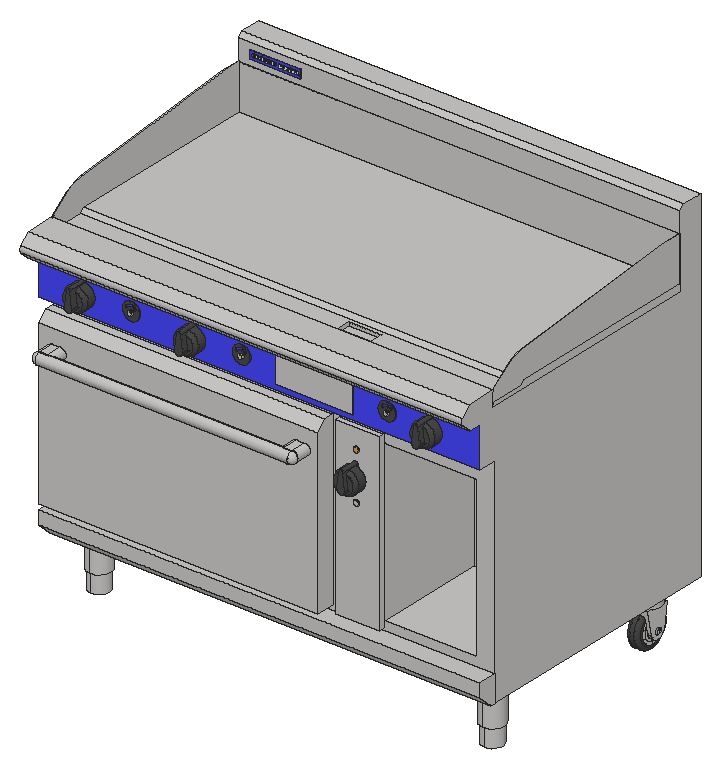
Revit family "QF_MOFFAT_BLUESEAL_AU_GPE58", category Specialty Equipment, Revit 2012
Parameters (values of type "QF_MOFFAT_BLUESEAL_AU_GPE58")
  Width = 1200 mm
  Weight in Pounds = 484  # constant formula
  Watts = 6600 W
  Volts = 400 V
  URL Cutsheet = "www.moffat.com"
  URL = "www.moffat.com"
  Type Mark [instance] = ""
  Status [instance] = ""
  Specification by User [instance] = ""
  Specification by Manufacturer = ""
  Show Logo [instance] = yes
  Show Clearance [instance] = yes
  Show Casters [instance] = yes
  Serial Number = ""
  Seismic Rating = ""
  SMACNA No = ""
  Revision Code [instance] = ""
  Plumbing Remarks = ""
  Plumbing Connection Type [instance] = ""
  Phase = 3
  Omniclass Number and Title = ""
  Number of Poles [instance] = 1
  NAFEM Spec ID Number = ""
  Model = "GPE58"
  Min Ckt Ampacity = 0 A
  Mechanical Remarks = ""
  Mechanical Connection Type [instance] = ""
  Max Overcurrent Protection = 0 A
  Masterspec = ""
  Manufacturer = "MOFFAT BLUESEAL"
  Legs [instance] = no
  Item Number [instance] = ""
  Installed By [instance] = ""
  Identify Quantity as Lot [instance] = yes
  Height = 1085 mm
  HP = ""
  Gas Size = 3/4"
  Gas RI Height [instance] = 0 mm
  Gas KW = 30
  Gas Input [instance] = 102364.0 Btu/h
  Gas Connection Height = 0 mm
  Furnished By [instance] = ""
  Foodservice Equipment Identifier [instance] = yes
  FL Amps = 9.4 A
  Electrical Remarks [instance] = ""
  Electric Connection Type [instance] = ""
  Elec Conn RI Height [instance] = 0 mm
  Elec Conn Connection Height [instance] = 0 mm
  Description = "1200MM GAS RANGE WITH ELECTRIC CONVECTION OVEN"
  Depth = 812 mm
  Cycle = 50 Hz
  Conn Plug = ""
  Conn Conduit = yes
  Cold Water Temperature Recommended = -459.67 °F
  Cold Water Size = 1/2"
  Cold Water RI Height [instance] = 0 mm
  Cold Water Minimum Pressure = 0.00 psi
  Cold Water Maximum Pressure = 0.00 psi
  Cold Water Flow = 0 GPM
  Cold Water Consumption = ""
  Cold Water Connection Height = 0 mm
  CSI MasterFormat = ""
  CSI Master Format = ""
  Body Finish = QF_Finishes_Stainless Steel
  Apparent Power = 0 VA
Reference planes
  plane 1 "BACK": y = 0
  plane 2: z = 0
  plane 3 "LEFT": x = 0
  plane 4 "RIGHT": x = 1200
  plane 5 "FRONT": y = -812
  plane 6 "TOP": z = 970
  plane 7 "Center Y": x = 600
  plane 8 "Center X": y = -406
  plane 9: x = 280
  plane 10: x = 1134.5
  plane 11: y = -32
  plane 12: z = 655
  plane 13: x = 65.5
  plane 14: z = 1085
  plane 15: z = 150
  plane 16: y = -100
  plane 17: y = -625
  plane 18: z = 915
Forms (mm)
  Extrusion 1, solid, material "QF_Finishes_Stainless Steel" <- "Body Finish"
    sketch origin (0, 0, 0) x (0, 1, 0) y (0, 0, 1)
      loop
        line (0, 150) -> (0, 1085) -> (-57.5, 1085) -> (-70, 1072.5) -> (-70, 875) -> (-705, 875) -> (-705, 915) -> (-783.97, 915) -> (-808.485, 890.485)
        arc (-808.485, 890.485) -> (-811.999, 882) -> (-808.485, 873.515) r 12
        line (-808.485, 873.515) -> (-784.97, 850) -> (-749, 850) -> (-749, 740) -> (-699, 740) -> (-699, 150) -> (0, 150)
      loop
        line (-700, 222.5) -> (-749, 222.5) -> (-749, 186) -> (-713, 150) -> (-700, 150) -> (-700, 222.5)
    from 0 to 1200
  Extrusion 2, solid, material "QF_Finishes_Stainless Steel"
    sketch origin (0, 0, 0) x (0, 1, 0) y (0, 0, 1)
      loop
        line (-725, 700) -> (-749, 676) -> (-749, 235) -> (-700, 235) -> (-700, 700) -> (-725, 700)
    from 0 to 760
  Extrusion 3, solid, material "QF_Finishes_Stainless Steel"
    sketch origin (723.5, 0, 0) x (0, 1, 0) y (0, 0, 1)
      loop
        line (-700, 700) -> (-716, 700) -> (-716, 227.5) -> (-700, 227.5) -> (-700, 700)
    from 56.898 to 176.5
  Revolve 4, solid, material "QF_Finishes_Stainless Steel" <- "Body Finish"
    sketch origin (1134.5, -689.126, 0) x (0, 1, 0) y (0, 0, -1)
      loop
        line (32.376, -150) -> (64.126, -150) -> (64.126, 0) -> (36.626, 0) -> (36.626, -50) -> (32.376, -50) -> (32.376, -150)
      axis (64.126, -150) -> (64.126, 0)
    angle from 0 to 360
  Revolve 5, solid, material "QF_Finishes_Stainless Steel" <- "Body Finish"
    sketch origin (65.5, -689.126, 0) x (0, 1, 0) y (0, 0, 1)
      loop
        line (32.376, 150) -> (32.376, 50) -> (36.626, 50) -> (36.626, 0) -> (64.126, 0) -> (64.126, 150) -> (32.376, 150)
      axis (64.126, 150) -> (64.126, 0)
    angle from 0 to 360
  Extrusion 6, solid, material "QF_Finishes_Stainless Steel"
    sketch origin (-64.5, 0, 325) x (1, 0, 0) y (0, 1, 0)
      loop
        circle (1134.5, -32) r 10
    from 330 to 374.856
  Extrusion 7, void
    sketch origin (0, -699, 150) x (0, 0, -1) y (-1, 0, 0)
      loop
        line (-529.781, -900) -> (-529.781, -1150) -> (-96, -1150) -> (-96, -900) -> (-529.781, -900)
    from 0 to 304.8
  Revolve 8, solid, material "QF_Finishes_Black"
    sketch origin (128, 45.874, -2.2) x (0, 1, 0) y (0, 0, -1)
      loop
        line (-827.874, -829.5) -> (-804.874, -829.5) -> (-804.874, -802) -> (-794.874, -802) -> (-794.874, -797) -> (-838.874, -797) -> (-838.874, -823.651) -> (-827.874, -829.5)
      axis (-838.874, -797) -> (-794.874, -797)
    angle from 0 to 360
  Extrusion 9, solid, material "QF_Finishes_Black"
    sketch origin (276.884, 0, -6.671) x (-1, 0, 0) y (0, 0, -1)
      loop
        line (138.465, -790.666) -> (143.886, -833.584)
        arc (143.886, -833.584) -> (148.884, -838.471) -> (153.883, -833.584) r 5
        line (153.883, -833.584) -> (159.372, -789.499)
        arc (159.372, -789.499) -> (148.3, -779) -> (138.465, -790.666) r 10.487
    from 759 to 808
  Extrusion 10, solid, material "QF_Finishes_Stainless Steel"
    sketch origin (0, -703.73, 150) x (1, 0, 0) y (0, -1, 0)
      loop
        circle (831, -219.73) r 10
    from 0 to 3
  Revolve 11, solid, material "QF_Finishes_Black"
    sketch origin (837.495, 78.874, -213.6) x (0, 1, 0) y (0, 0, 1)
      loop
        line (-827.874, 829.5) -> (-838.874, 823.651) -> (-838.874, 797) -> (-794.874, 797) -> (-794.874, 802) -> (-804.874, 802) -> (-804.874, 829.5) -> (-827.874, 829.5)
      axis (-838.874, 797) -> (-794.874, 797)
    angle from 0 to 360
  Extrusion 12, solid, material "QF_Finishes_Black"
    sketch origin (389.688, 40, -213.6) x (1, 0, 0) y (0, 0, 1)
      loop
        line (458.226, 786.195) -> (452.806, 829.113)
        arc (452.806, 829.113) -> (447.807, 834) -> (442.808, 829.113) r 5
        line (442.808, 829.113) -> (437.319, 785.028)
        arc (437.319, 785.028) -> (448.391, 774.529) -> (458.226, 786.195) r 10.487
    from 759 to 808
  Extrusion 13, solid, material "QF_Door-Drawer Clearances", visible <- "Show Clearance", detail levels coarse
    sketch origin (762.865, 0, 0) x (0, 1, 0) y (0, 0, 1)
      loop
        line (-1214, 235) -> (-749, 235) -> (-749, 700)
        arc (-749, 700) -> (-1077.805, 563.805) -> (-1214, 235) r 465
    from -2.865 to -762.865
  Extrusion 14, void
    sketch origin (0, 0, 150) x (-1, 0, 0) y (0, -1, 0)
      loop
        line (-1133.988, 87.26) -> (-1133.988, -30.24) -> (-1004.488, -30.24) -> (-1004.488, 38.76) -> (-1052.988, 87.26) -> (-1133.988, 87.26)
    from 72.5 to 549.856
  Extrusion 15, solid, material "QF_Finishes_Stainless Steel"
    sketch origin (0, -749, 227.5) x (0, 0, 1) y (-1, 0, 0)
      loop
        line (380.625, -38.246) -> (380.625, -58.528)
        arc (380.625, -58.528) -> (395.625, -73.528) -> (410.625, -58.528) r 15
        line (410.625, -58.528) -> (410.625, -38.246)
        arc (410.625, -38.246) -> (395.625, -23.246) -> (380.625, -38.246) r 15
      loop
        arc (380.625, -723.039) -> (395.625, -738.039) -> (410.625, -723.039) r 15
        line (410.625, -723.039) -> (410.625, -702.757)
        arc (410.625, -702.757) -> (395.625, -687.757) -> (380.625, -702.757) r 15
        line (380.625, -702.757) -> (380.625, -723.039)
    from 0 to 44
  Revolve 16, solid, material "QF_Finishes_Stainless Steel"
    sketch origin (0, -793, 0) x (1, 0, 0) y (0, 0, 1)
      loop
        arc (738.039, 623.125) -> (733.646, 633.732) -> (723.039, 638.125) r 15
        line (723.039, 638.125) -> (38.246, 638.125)
        arc (38.246, 638.125) -> (27.64, 633.732) -> (23.246, 623.125) r 15
        line (23.246, 623.125) -> (738.039, 623.125)
      axis (738.039, 623.125) -> (23.246, 623.125)
    angle from 0 to 360
  Revolve 17, solid, material "QF_Finishes_Black"
    sketch origin (428, 45.874, -2.2) x (0, 1, 0) y (0, 0, -1)
      loop
        line (-827.874, -829.5) -> (-804.874, -829.5) -> (-804.874, -802) -> (-794.874, -802) -> (-794.874, -797) -> (-838.874, -797) -> (-838.874, -823.651) -> (-827.874, -829.5)
      axis (-838.874, -797) -> (-794.874, -797)
    angle from 0 to 360
  Extrusion 18, solid, material "QF_Finishes_Black"
    sketch origin (576.884, 0, -6.671) x (-1, 0, 0) y (0, 0, -1)
      loop
        line (138.465, -790.666) -> (143.886, -833.584)
        arc (143.886, -833.584) -> (148.884, -838.471) -> (153.883, -833.584) r 5
        line (153.883, -833.584) -> (159.372, -789.499)
        arc (159.372, -789.499) -> (148.3, -779) -> (138.465, -790.666) r 10.487
    from 759 to 808
  Revolve 19, solid, material "QF_Finishes_Black"
    sketch origin (1071.855, 45.874, -1.504) x (0, 1, 0) y (0, 0, -1)
      loop
        line (-827.874, -829.5) -> (-804.874, -829.5) -> (-804.874, -802) -> (-794.874, -802) -> (-794.874, -797) -> (-838.874, -797) -> (-838.874, -823.651) -> (-827.874, -829.5)
      axis (-838.874, -797) -> (-794.874, -797)
    angle from 0 to 360
  Extrusion 20, solid, material "QF_Finishes_Black"
    sketch origin (1220.739, 0, -5.976) x (-1, 0, 0) y (0, 0, -1)
      loop
        line (138.465, -790.666) -> (143.886, -833.584)
        arc (143.886, -833.584) -> (148.884, -838.471) -> (153.883, -833.584) r 5
        line (153.883, -833.584) -> (159.372, -789.499)
        arc (159.372, -789.499) -> (148.3, -779) -> (138.465, -790.666) r 10.487
    from 759 to 808
  Extrusion 21, solid, material "QF_Finishes_Stainless Steel"
    sketch origin (0, -749, 866) x (0, 0, -1) y (1, 0, 0)
      loop
        line (111.628, 855) -> (24.729, 855) -> (24.729, 645) -> (111.628, 645) -> (111.628, 855)
    from 0 to 1
  Extrusion 22, solid, material "QF_Finishes_Black"
    sketch origin (0, -749, 866) x (0, 0, -1) y (1, 0, 0)
      loop
        circle (71.799, 252) r 23.9
      loop
        arc (64.44, 260.419) -> (65.3, 265.219) -> (60.5, 266.079) r 3.448
        arc (60.5, 266.079) -> (53.915, 251.341) -> (61.718, 237.209) r 18.095
        arc (61.718, 237.209) -> (66.44, 238.491) -> (65.125, 243.204) r 3.448
        arc (65.125, 243.204) -> (61.557, 251.683) -> (64.44, 260.419) r 13.109
      loop
        arc (64.44, 560.419) -> (65.3, 565.219) -> (60.5, 566.079) r 3.448
        arc (60.5, 566.079) -> (53.915, 551.341) -> (61.718, 537.209) r 18.095
        arc (61.718, 537.209) -> (66.44, 538.491) -> (65.125, 543.204) r 3.448
        arc (65.125, 543.204) -> (61.557, 551.683) -> (64.44, 560.419) r 13.109
      loop
        circle (71.799, 552) r 23.9
      loop
        circle (71.2, 948) r 23.9
      loop
        arc (64.526, 956.796) -> (65.841, 961.509) -> (61.119, 962.791) r 3.448
        arc (61.119, 962.791) -> (53.316, 948.659) -> (59.901, 933.921) r 18.095
        arc (59.901, 933.921) -> (64.701, 934.781) -> (63.841, 939.581) r 3.448
        arc (63.841, 939.581) -> (60.958, 948.317) -> (64.526, 956.796) r 13.109
    from 0 to 1
  Extrusion 23, solid, material "QF_Finishes_Stainless Steel"
    sketch origin (0, -750, 866) x (0, 0, -1) y (1, 0, 0)
      loop
        circle (75.299, 252) r 5.75
      loop
        circle (75.299, 552) r 5.75
      loop
        circle (74.7, 948) r 5.75
    from 0 to 5
  Extrusion 24, solid, material "QF_Finishes_Orange"
    sketch origin (723.5, -716, 700) x (0, 0, -1) y (1, 0, 0)
      loop
        circle (51.6, 114) r 7.15
    from 0 to 1
  Extrusion 25, solid, material "QF_Finishes_Stainless Steel"
    sketch origin (723.5, -716, 700) x (0, 0, -1) y (1, 0, 0)
      loop
        circle (181.6, 114) r 7.15
    from 0 to 1
  Revolve 26, solid, material "QF_Finishes_Stainless Steel", visible <- "Legs"
    sketch origin (65.5, -166, 0) x (0, 1, 0) y (0, 0, 1)
      loop
        line (34.25, 150) -> (34.25, 50) -> (38.5, 50) -> (38.5, 0) -> (66, 0) -> (66, 150) -> (34.25, 150)
      axis (66, 150) -> (66, 0)
    angle from 0 to 360
  Revolve 27, solid, material "QF_Finishes_Stainless Steel", visible <- "Show Casters"
    sketch origin (16.276, -100.755, -12.8) x (1, 0, 0) y (0, 0, 1)
      loop
        line (14.841, 63.604) -> (83.584, 63.604) -> (83.584, 67.109) -> (82.314, 68.379) -> (80.79, 68.379) -> (80.79, 71.826) -> (68.644, 71.826) -> (68.644, 81.79) -> (65.088, 83.843) -> (63.738, 92.179) -> (65.881, 92.179) -> (65.881, 98.529) -> (65.088, 98.529) -> (65.088, 104.879)
        arc (65.088, 104.879) -> (62.298, 111.614) -> (55.563, 114.404) r 9.525
        line (55.563, 114.404) -> (42.863, 114.404)
        arc (42.863, 114.404) -> (36.127, 111.614) -> (33.338, 104.879) r 9.525
        line (33.338, 104.879) -> (33.338, 98.529) -> (32.544, 98.529) -> (32.544, 92.179) -> (34.687, 92.179) -> (33.352, 83.932) -> (29.782, 81.871) -> (29.782, 71.826) -> (17.635, 71.826) -> (17.635, 68.379) -> (16.111, 68.379) -> (14.841, 67.109) -> (14.841, 63.604)
      axis (14.841, 63.604) -> (83.584, 63.604)
    angle from 0 to 360
  Extrusion 28, solid, material "QF_Finishes_Stainless Steel", visible <- "Show Casters"
    sketch origin (72.001, 132.353, -8.783) x (0, 1, 0) y (0, 0, 1)
      loop
        line (-200.603, 118.783) -> (-264.103, 118.783) -> (-251.746, 53.895)
        arc (-251.746, 53.895) -> (-232.353, 38.783) -> (-212.959, 53.895) r 20
        line (-212.959, 53.895) -> (-200.603, 118.783)
    from -35.667 to 22.923
  Revolve 29, solid, material "QF_Finishes_Stainless Steel", visible <- "Show Casters"
    sketch origin (65.5, -204, 0) x (0, 1, 0) y (0, 0, 1)
      loop
        line (68.25, 150) -> (68.25, 110) -> (104, 110) -> (104, 150) -> (68.25, 150)
      axis (104, 150) -> (104, 110)
    angle from 0 to 360
  Revolve 30, solid, material "QF_Finishes_Stainless Steel", visible <- "Legs"
    sketch origin (65.5, -166, 0) x (0, 1, 0) y (0, 0, 1)
      loop
        line (34.25, 150) -> (34.25, 50) -> (38.5, 50) -> (38.5, 0) -> (66, 0) -> (66, 150) -> (34.25, 150)
      axis (66, 150) -> (66, 0)
    angle from 0 to 360
  Revolve 31, solid, material "QF_Finishes_Stainless Steel", visible <- "Legs"
    sketch origin (1134.5, -166, 0) x (0, 1, 0) y (0, 0, -1)
      loop
        line (34.25, -150) -> (66, -150) -> (66, 0) -> (38.5, 0) -> (38.5, -50) -> (34.25, -50) -> (34.25, -150)
      axis (66, -150) -> (66, 0)
    angle from 0 to 360
  Revolve 32, solid, material "QF_Finishes_Stainless Steel", visible <- "Show Casters"
    sketch origin (1183.724, -100.755, -12.8) x (-1, 0, 0) y (0, 0, -1)
      loop
        line (14.841, -63.604) -> (14.841, -67.109) -> (16.111, -68.379) -> (17.635, -68.379) -> (17.635, -71.826) -> (29.782, -71.826) -> (29.782, -81.871) -> (33.352, -83.932) -> (34.687, -92.179) -> (32.544, -92.179) -> (32.544, -98.529) -> (33.338, -98.529) -> (33.338, -104.879)
        arc (33.338, -104.879) -> (36.127, -111.614) -> (42.863, -114.404) r 9.525
        line (42.863, -114.404) -> (55.563, -114.404)
        arc (55.563, -114.404) -> (62.298, -111.614) -> (65.088, -104.879) r 9.525
        line (65.088, -104.879) -> (65.088, -98.529) -> (65.881, -98.529) -> (65.881, -92.179) -> (63.738, -92.179) -> (65.088, -83.843) -> (68.644, -81.79) -> (68.644, -71.826) -> (80.79, -71.826) -> (80.79, -68.379) -> (82.314, -68.379) -> (83.584, -67.109) -> (83.584, -63.604) -> (14.841, -63.604)
      axis (14.841, -63.604) -> (83.584, -63.604)
    angle from 0 to 360
  Extrusion 33, solid, material "QF_Finishes_Stainless Steel", visible <- "Show Casters"
    sketch origin (1127.999, 132.353, -8.783) x (0, 1, 0) y (0, 0, -1)
      loop
        line (-200.603, -118.783) -> (-212.959, -53.895)
        arc (-212.959, -53.895) -> (-232.353, -38.783) -> (-251.746, -53.895) r 20
        line (-251.746, -53.895) -> (-264.103, -118.783) -> (-200.603, -118.783)
    from -35.667 to 22.923
  Revolve 34, solid, material "QF_Finishes_Stainless Steel", visible <- "Show Casters"
    sketch origin (1134.5, -204, 0) x (0, 1, 0) y (0, 0, -1)
      loop
        line (68.25, -150) -> (104, -150) -> (104, -110) -> (68.25, -110) -> (68.25, -150)
      axis (104, -150) -> (104, -110)
    angle from 0 to 360
  Revolve 35, solid, material "QF_Finishes_Stainless Steel", visible <- "Legs"
    sketch origin (1134.5, -166, 0) x (0, 1, 0) y (0, 0, -1)
      loop
        line (34.25, -150) -> (66, -150) -> (66, 0) -> (38.5, 0) -> (38.5, -50) -> (34.25, -50) -> (34.25, -150)
      axis (66, -150) -> (66, 0)
    angle from 0 to 360
Cuts and joins
  Extrusion 7, Extrusion 14 cuts Extrusion 1
Lines and regions (mm)
  Split face 1
    outline origin (0, -750, 866) x (0, 0, -1) y (1, 0, 0)
      loop
        arc (34.628, 743) -> (38.628, 739) -> (42.628, 743) r 4
        line (42.628, 743) -> (42.628, 757)
        arc (42.628, 757) -> (38.628, 761) -> (34.628, 757) r 4
        line (34.628, 757) -> (34.628, 743)
  Split face 2
    outline origin (1200, 0, 1085) x (-1, 0, 0) y (0, -1, 0)
      loop
        arc (35.206, 45.385) -> (26.545, 40.385) -> (26.545, 30.385) r 10
        line (26.545, 30.385) -> (30.587, 23.385)
        arc (30.587, 23.385) -> (34.247, 19.725) -> (39.247, 18.385) r 10
        line (39.247, 18.385) -> (267.206, 18.385)
        arc (267.206, 18.385) -> (275.866, 23.385) -> (275.866, 33.385) r 10
        line (275.866, 33.385) -> (271.824, 40.385)
        arc (271.824, 40.385) -> (268.164, 44.045) -> (263.164, 45.385) r 10
        line (263.164, 45.385) -> (35.206, 45.385)
  Split face 3
    outline origin (1200, 0, 1085) x (-1, 0, 0) y (0, -1, 0)
      loop
        arc (335.206, 45.385) -> (326.545, 40.385) -> (326.545, 30.385) r 10
        line (326.545, 30.385) -> (330.587, 23.385)
        arc (330.587, 23.385) -> (334.247, 19.725) -> (339.247, 18.385) r 10
        line (339.247, 18.385) -> (567.206, 18.385)
        arc (567.206, 18.385) -> (575.866, 23.385) -> (575.866, 33.385) r 10
        line (575.866, 33.385) -> (571.824, 40.385)
        arc (571.824, 40.385) -> (568.164, 44.045) -> (563.164, 45.385) r 10
        line (563.164, 45.385) -> (335.206, 45.385)
  Split face 4
    outline origin (1200, 0, 1085) x (-1, 0, 0) y (0, -1, 0)
      loop
        arc (867.206, 18.385) -> (875.866, 23.385) -> (875.866, 33.385) r 10
        line (875.866, 33.385) -> (871.824, 40.385)
        arc (871.824, 40.385) -> (868.164, 44.045) -> (863.164, 45.385) r 10
        line (863.164, 45.385) -> (635.206, 45.385)
        arc (635.206, 45.385) -> (626.545, 40.385) -> (626.545, 30.385) r 10
        line (626.545, 30.385) -> (630.587, 23.385)
        arc (630.587, 23.385) -> (634.247, 19.725) -> (639.247, 18.385) r 10
        line (639.247, 18.385) -> (867.206, 18.385)
  Split face 5
    outline origin (1200, 0, 1085) x (-1, 0, 0) y (0, -1, 0)
      loop
        arc (1167.206, 18.385) -> (1175.866, 23.385) -> (1175.866, 33.385) r 10
        line (1175.866, 33.385) -> (1171.824, 40.385)
        arc (1171.824, 40.385) -> (1168.164, 44.045) -> (1163.164, 45.385) r 10
        line (1163.164, 45.385) -> (935.206, 45.385)
        arc (935.206, 45.385) -> (926.545, 40.385) -> (926.545, 30.385) r 10
        line (926.545, 30.385) -> (930.587, 23.385)
        arc (930.587, 23.385) -> (934.247, 19.725) -> (939.247, 18.385) r 10
        line (939.247, 18.385) -> (1167.206, 18.385)
  symbolic lines, style "QF_Door-Drawer Clearances", visible <- "Show Clearance"
    curve 1: line (0, -1214, 0) -> (760, -1214, 0)
    curve 2: line (760, -1214, 0) -> (760, -811.999, 0)
    curve 3: line (0, -1214, 0) -> (0, -811.999, 0)
  symbolic lines, style "SpecialityEquipmentHiddenLines", visible <- "Show Casters"
    curve 4: line (78.456, -46.735, 0) -> (105.952, -62.61, 0)
    curve 5: line (27.656, -134.723, 0) -> (78.456, -46.735, 0)
    curve 6: line (55.152, -150.598, 0) -> (27.656, -134.723, 0)
    curve 7: line (105.952, -62.61, 0) -> (55.152, -150.598, 0)
    curve 8: line (1125.152, -150.598, 0) -> (1097.656, -134.723, 0)
    curve 9: line (1175.952, -62.61, 0) -> (1125.152, -150.598, 0)
    curve 11: line (1148.456, -46.735, 0) -> (1097.656, -134.723, 0)
    curve 12: line (1175.952, -62.61, 0) -> (1148.456, -46.735, 0)
  symbolic lines
    curve 10: arc (36.836, -45.385, 0) -> (31.836, -44.045, 0) -> (28.176, -40.385, 0) r 10
    curve 13: line (260.753, -18.385, 0) -> (32.794, -18.385, 0)
    curve 14: arc (32.794, -18.385, 0) -> (24.134, -23.385, 0) -> (24.134, -33.385, 0) r 10
    curve 15: line (24.134, -33.385, 0) -> (28.176, -40.385, 0)
    curve 16: arc (28.176, -40.385, 0) -> (31.836, -44.045, 0) -> (36.836, -45.385, 0) r 10
    curve 17: line (36.836, -45.385, 0) -> (264.794, -45.385, 0)
    curve 18: arc (264.794, -45.385, 0) -> (273.455, -40.385, 0) -> (273.455, -30.385, 0) r 10
    curve 19: line (273.455, -30.385, 0) -> (269.413, -23.385, 0)
    curve 20: arc (269.413, -23.385, 0) -> (265.753, -19.725, 0) -> (260.753, -18.385, 0) r 10
    curve 21: line (560.753, -18.385, 0) -> (332.794, -18.385, 0)
    curve 22: arc (332.794, -18.385, 0) -> (324.134, -23.385, 0) -> (324.134, -33.385, 0) r 10
    curve 23: line (324.134, -33.385, 0) -> (328.176, -40.385, 0)
    curve 24: arc (328.176, -40.385, 0) -> (331.836, -44.045, 0) -> (336.836, -45.385, 0) r 10
    curve 25: line (336.836, -45.385, 0) -> (564.794, -45.385, 0)
    curve 26: arc (564.794, -45.385, 0) -> (573.455, -40.385, 0) -> (573.455, -30.385, 0) r 10
    curve 27: line (573.455, -30.385, 0) -> (569.413, -23.385, 0)
    curve 28: arc (569.413, -23.385, 0) -> (565.753, -19.725, 0) -> (560.753, -18.385, 0) r 10
    curve 29: line (860.753, -18.385, 0) -> (632.794, -18.385, 0)
    curve 30: arc (632.794, -18.385, 0) -> (624.134, -23.385, 0) -> (624.134, -33.385, 0) r 10
    curve 31: line (624.134, -33.385, 0) -> (628.176, -40.385, 0)
    curve 32: arc (628.176, -40.385, 0) -> (631.836, -44.045, 0) -> (636.836, -45.385, 0) r 10
    curve 33: line (636.836, -45.385, 0) -> (864.794, -45.385, 0)
    curve 34: arc (864.794, -45.385, 0) -> (873.455, -40.385, 0) -> (873.455, -30.385, 0) r 10
    curve 35: line (873.455, -30.385, 0) -> (869.413, -23.385, 0)
    curve 36: arc (869.413, -23.385, 0) -> (865.753, -19.725, 0) -> (860.753, -18.385, 0) r 10
    curve 37: line (932.794, -18.385, 0) -> (1160.753, -18.385, 0)
    curve 38: arc (1160.753, -18.385, 0) -> (1165.753, -19.725, 0) -> (1169.413, -23.385, 0) r 10
    curve 39: line (1169.413, -23.385, 0) -> (1173.455, -30.385, 0)
    curve 40: arc (1173.455, -30.385, 0) -> (1173.455, -40.385, 0) -> (1164.794, -45.385, 0) r 10
    curve 41: line (1164.794, -45.385, 0) -> (936.836, -45.385, 0)
    curve 42: arc (936.836, -45.385, 0) -> (931.836, -44.045, 0) -> (928.176, -40.385, 0) r 10
    curve 43: line (928.176, -40.385, 0) -> (924.134, -33.385, 0)
    curve 44: arc (924.134, -33.385, 0) -> (924.134, -23.385, 0) -> (932.794, -18.385, 0) r 10
    curve 45: line (0, -783.97, 0) -> (1200, -783.97, 0)
    curve 46: line (1200, -811.999, 0) -> (0, -811.999, 0)
    curve 47: line (1200, -811.999, 0) -> (1200, 0, 0)
    curve 48: line (0, 0, 0) -> (0, -811.999, 0)
    curve 49: line (0, 0, 0) -> (1200, 0, 0)
    curve 50: line (0, -70, 0) -> (1200, -70, 0)
    curve 51: line (0, -57.5, 0) -> (1200, -57.5, 0)
Dimensions and locks
  equal spacing: plane 3 "LEFT", plane 7 "Center Y", plane 4 "RIGHT"
  "Width": plane 3 "LEFT" to plane 4 "RIGHT"
  equal spacing: plane 5 "FRONT", plane 8 "Center X", plane 1 "BACK"
  plane 5 "FRONT" to plane 1 "BACK" = 812 mm  (x2)
  equal spacing: plane 4 "RIGHT", plane 7 "Center Y", plane 3 "LEFT"
  plane 4 "RIGHT" to plane 3 "LEFT" = 1200 mm
  plane 9 to plane 3 "LEFT" = 280 mm
  locked: plane 4 "RIGHT" to plane 10 at 65.5
  plane 14 to plane 2 = 1085 mm
  plane 15 to plane 2 = 150 mm
  Revolve 27 sketch curve to Revolve 27 sketch curve = 50.8 mm
  Revolve 32 sketch curve to Revolve 32 sketch curve = 50.8 mm
  Extrusion 10 sketch curve to plane 1 "BACK" = 484 mm
  Extrusion 10 sketch curve to plane 4 "RIGHT" = 369 mm
  plane 18 to plane 2 = 915 mm
  plane 12 to plane 2 = 655 mm
  plane 1 "BACK" to plane 11 = 32 mm
  aligned and locked: level to plane 2
  aligned and locked: Extrusion 1 to plane 4 "RIGHT"
  aligned and locked: plane 10 to Revolve 4
Automatic sketch dimensions
  Extrusion 1 sketch curve to plane 15 = 0 mm  (x2)
  Extrusion 1 sketch curve to plane 14 = 0 mm
  Extrusion 1 sketch curve to plane 1 "BACK" = 0 mm
  Extrusion 1 sketch curve to plane 11 = 25.5 mm
  Extrusion 1 sketch curve to plane 11 = 38 mm
  Extrusion 1 sketch curve to plane 5 "FRONT" = 113 mm
  Extrusion 1 sketch curve to Extrusion 1 sketch curve = 1 mm
  Extrusion 1 sketch curve to plane 5 "FRONT" = 107 mm
  Extrusion 1 sketch curve to Extrusion 1 sketch curve = 13 mm
  Extrusion 1 sketch curve to Extrusion 1 sketch curve = 44 mm
  Extrusion 1 sketch curve to Extrusion 1 sketch curve = 36 mm
  Extrusion 1 sketch curve to plane 5 "FRONT" = 28.03 mm
  Extrusion 1 sketch curve to plane 5 "FRONT" = 27.03 mm
  Extrusion 1 sketch curve to plane 5 "FRONT" = 12.001 mm
  Extrusion 1 sketch curve to plane 5 "FRONT" = 3.515 mm  (x2)
  plane 15 to Extrusion 1 sketch curve = 36 mm
  Extrusion 1 sketch curve to Extrusion 1 sketch curve = 36.5 mm
  plane 12 to Extrusion 1 sketch curve = 85 mm
  Extrusion 1 sketch curve to Extrusion 1 sketch curve = 110 mm
  Extrusion 1 sketch curve to Extrusion 1 sketch curve = 23.515 mm
  Extrusion 1 sketch curve to plane 6 "TOP" = 95 mm
  Extrusion 1 sketch curve to Extrusion 1 sketch curve = 8.485 mm
  Extrusion 1 sketch curve to Extrusion 1 sketch curve = 24.515 mm
  Extrusion 1 sketch curve to plane 14 = 12.5 mm
  plane 12 to Extrusion 2 sketch curve = 21 mm
  Extrusion 2 sketch curve to plane 5 "FRONT" = 63 mm
  Extrusion 2 sketch curve to Extrusion 2 sketch curve = 24 mm
  Extrusion 2 sketch curve to Extrusion 2 sketch curve = 49 mm
  plane 15 to Extrusion 2 sketch curve = 85 mm
  plane 12 to Extrusion 2 sketch curve = 45 mm
  Extrusion 3 sketch curve to plane 5 "FRONT" = 96 mm
  Extrusion 3 sketch curve to Extrusion 3 sketch curve = 16 mm
  plane 15 to Extrusion 3 sketch curve = 77.5 mm
  plane 12 to Extrusion 3 sketch curve = 45 mm
  Revolve 4 sketch curve to plane 15 = 0 mm
  Revolve 4 sketch curve to level = 0 mm
  level to Revolve 4 sketch curve = 50 mm
  Revolve 4 sketch curve to plane 5 "FRONT" = 155.25 mm
  Revolve 4 sketch curve to Revolve 4 sketch curve = 4.25 mm
  Revolve 4 sketch curve to Revolve 4 sketch curve = 27.5 mm  (x2)
  Revolve 4 sketch curve to Revolve 4 sketch curve = 0 mm
  Revolve 4 sketch curve to Revolve 4 sketch curve = 55 mm
  Revolve 5 sketch curve to plane 15 = 0 mm
  Revolve 5 sketch curve to level = 0 mm
  level to Revolve 5 sketch curve = 50 mm
  Revolve 5 sketch curve to plane 5 "FRONT" = 155.25 mm
  Revolve 5 sketch curve to Revolve 5 sketch curve = 4.25 mm
  Revolve 5 sketch curve to Revolve 5 sketch curve = 27.5 mm  (x2)
  Revolve 5 sketch curve to Revolve 5 sketch curve = 55 mm
  Revolve 5 sketch curve to Revolve 5 sketch curve = 0 mm
  Extrusion 6 sketch curve to plane 11 = 0 mm
  Extrusion 6 sketch curve to plane 10 = 64.5 mm
  Revolve 8 sketch curve to plane 5 "FRONT" = 19 mm
  Revolve 8 sketch curve to Revolve 8 sketch curve = 0 mm  (x2)
  Revolve 8 sketch curve to Revolve 8 sketch curve = 11 mm
  Revolve 8 sketch curve to Revolve 8 sketch curve = 12.7 mm
  Revolve 8 sketch curve to Revolve 8 sketch curve = 23 mm
  Revolve 8 sketch curve to Revolve 8 sketch curve = 10 mm
  Revolve 8 sketch curve to plane 6 "TOP" = 142.7 mm
  Revolve 8 sketch curve to Revolve 8 sketch curve = 5.849 mm
  Revolve 8 sketch curve to Revolve 8 sketch curve = 27.5 mm
  Revolve 8 sketch curve to Revolve 8 sketch curve = 5 mm
  plane 13 to Extrusion 9 sketch curve = 72.919 mm
  Extrusion 9 sketch curve to Extrusion 9 sketch curve = 5.421 mm
  Extrusion 9 sketch curve to Extrusion 9 sketch curve = 10.419 mm
  Extrusion 9 sketch curve to Extrusion 9 sketch curve = 4.999 mm  (x2)
  Extrusion 9 sketch curve to Extrusion 9 sketch curve = 10.487 mm
  Extrusion 9 sketch curve to plane 6 "TOP" = 143.087 mm
  Extrusion 9 sketch curve to Extrusion 9 sketch curve = 0.113 mm
  Extrusion 9 sketch curve to Extrusion 9 sketch curve = 42.919 mm
  Extrusion 9 sketch curve to Extrusion 9 sketch curve = 1.167 mm
  Revolve 11 sketch curve to plane 5 "FRONT" = 52 mm
  Revolve 11 sketch curve to Revolve 11 sketch curve = 0 mm  (x2)
  Revolve 11 sketch curve to Revolve 11 sketch curve = 11 mm
  Revolve 11 sketch curve to Revolve 11 sketch curve = 12.7 mm
  Revolve 11 sketch curve to Revolve 11 sketch curve = 23 mm
  Revolve 11 sketch curve to Revolve 11 sketch curve = 10 mm
  Revolve 11 sketch curve to plane 12 = 71.6 mm
  Revolve 11 sketch curve to Revolve 11 sketch curve = 5 mm
  Revolve 11 sketch curve to Revolve 11 sketch curve = 26.651 mm
  Revolve 11 sketch curve to Revolve 11 sketch curve = 5.849 mm
  Extrusion 12 sketch curve to plane 12 = 83.572 mm
  plane 7 "Center Y" to Extrusion 12 sketch curve = 227.008 mm
  Extrusion 12 sketch curve to Extrusion 12 sketch curve = 5.489 mm
  Extrusion 12 sketch curve to Extrusion 12 sketch curve = 4.999 mm  (x2)
  Extrusion 12 sketch curve to Extrusion 12 sketch curve = 10.487 mm
  Extrusion 12 sketch curve to plane 12 = 39.487 mm
  Extrusion 12 sketch curve to plane 12 = 82.405 mm
  Extrusion 12 sketch curve to Extrusion 12 sketch curve = 10.419 mm
  Extrusion 12 sketch curve to Extrusion 12 sketch curve = 0.113 mm
  Extrusion 14 sketch curve to plane 10 = 0.512 mm
  Extrusion 14 sketch curve to Extrusion 14 sketch curve = 81 mm
  Extrusion 14 sketch curve to plane 11 = 6.76 mm
  Extrusion 14 sketch curve to Extrusion 14 sketch curve = 48.5 mm
  Extrusion 14 sketch curve to plane 1 "BACK" = 30.24 mm
  Extrusion 14 sketch curve to plane 11 = 55.26 mm
  Extrusion 15 sketch curve to plane 13 = 6.972 mm
  Extrusion 15 sketch curve to plane 12 = 46.875 mm  (x2)
  Extrusion 15 sketch curve to Extrusion 15 sketch curve = 15 mm  (x2)
  plane 7 "Center Y" to Extrusion 15 sketch curve = 102.757 mm
  Extrusion 15 sketch curve to Extrusion 15 sketch curve = 20.282 mm  (x2)
  Revolve 16 sketch curve to plane 3 "LEFT" = 6.961 mm
  plane 3 "LEFT" to Revolve 16 sketch curve = 23.246 mm
  Revolve 16 sketch curve to plane 12 = 16.875 mm
  Revolve 16 sketch curve to Revolve 16 sketch curve = 15 mm
  Revolve 16 sketch curve to plane 7 "Center Y" = 11.961 mm
  plane 7 "Center Y" to Revolve 16 sketch curve = 123.039 mm
  Revolve 16 sketch curve to Revolve 16 sketch curve = 0 mm
  Revolve 17 sketch curve to plane 5 "FRONT" = 19 mm
  Revolve 17 sketch curve to Revolve 17 sketch curve = 0 mm  (x2)
  Revolve 17 sketch curve to Revolve 17 sketch curve = 11 mm
  Revolve 17 sketch curve to Revolve 17 sketch curve = 12.7 mm
  Revolve 17 sketch curve to Revolve 17 sketch curve = 23 mm
  Revolve 17 sketch curve to Revolve 17 sketch curve = 10 mm
  Revolve 17 sketch curve to plane 6 "TOP" = 142.7 mm
  Revolve 17 sketch curve to Revolve 17 sketch curve = 5.849 mm
  Revolve 17 sketch curve to Revolve 17 sketch curve = 27.5 mm
  Revolve 17 sketch curve to Revolve 17 sketch curve = 5 mm
  plane 9 to Extrusion 18 sketch curve = 158.419 mm
  Extrusion 18 sketch curve to Extrusion 18 sketch curve = 5.421 mm
  Extrusion 18 sketch curve to Extrusion 18 sketch curve = 10.419 mm
  Extrusion 18 sketch curve to Extrusion 18 sketch curve = 4.999 mm  (x2)
  Extrusion 18 sketch curve to Extrusion 18 sketch curve = 10.487 mm
  Extrusion 18 sketch curve to plane 6 "TOP" = 143.087 mm
  Extrusion 18 sketch curve to Extrusion 18 sketch curve = 0.113 mm
  Extrusion 18 sketch curve to Extrusion 18 sketch curve = 42.919 mm
  Extrusion 18 sketch curve to Extrusion 18 sketch curve = 1.167 mm
  Revolve 19 sketch curve to plane 5 "FRONT" = 19 mm
  Revolve 19 sketch curve to Revolve 19 sketch curve = 0 mm  (x2)
  Revolve 19 sketch curve to Revolve 19 sketch curve = 11 mm
  Revolve 19 sketch curve to Revolve 19 sketch curve = 12.7 mm
  Revolve 19 sketch curve to Revolve 19 sketch curve = 23 mm
  Revolve 19 sketch curve to Revolve 19 sketch curve = 10 mm
  Revolve 19 sketch curve to plane 6 "TOP" = 142.004 mm
  Revolve 19 sketch curve to Revolve 19 sketch curve = 5.849 mm
  Revolve 19 sketch curve to Revolve 19 sketch curve = 27.5 mm
  Revolve 19 sketch curve to Revolve 19 sketch curve = 5 mm
  Extrusion 20 sketch curve to plane 10 = 52.226 mm
  Extrusion 20 sketch curve to Extrusion 20 sketch curve = 5.421 mm
  Extrusion 20 sketch curve to Extrusion 20 sketch curve = 10.419 mm
  Extrusion 20 sketch curve to Extrusion 20 sketch curve = 4.999 mm  (x2)
  Extrusion 20 sketch curve to Extrusion 20 sketch curve = 10.487 mm
  Extrusion 20 sketch curve to plane 6 "TOP" = 142.391 mm
  Extrusion 20 sketch curve to Extrusion 20 sketch curve = 0.113 mm
  Extrusion 20 sketch curve to Extrusion 20 sketch curve = 42.919 mm
  Extrusion 20 sketch curve to Extrusion 20 sketch curve = 1.167 mm
  Extrusion 1 to Extrusion 7 sketch curve = 60.219 mm
  Extrusion 1 to Extrusion 7 sketch curve = 96 mm
  Extrusion 7 sketch curve to Extrusion 1 = 50 mm
  Extrusion 7 sketch curve to Extrusion 7 sketch curve = 250 mm
  Extrusion 21 sketch curve to Extrusion 1 = 8.729 mm
  Extrusion 21 sketch curve to Extrusion 1 = 14.372 mm
  Extrusion 1 to Extrusion 21 sketch curve = 555 mm
  Extrusion 21 sketch curve to Extrusion 21 sketch curve = 210 mm
  Extrusion 22 sketch curve to Extrusion 1 = 43.901 mm
  Extrusion 22 sketch curve to Extrusion 1 = 44.5 mm  (x2)
  Extrusion 22 sketch curve to Extrusion 22 sketch curve = 1.218 mm  (x3)
  Extrusion 22 sketch curve to Extrusion 22 sketch curve = 1.97 mm  (x6)
  Extrusion 22 sketch curve to Extrusion 22 sketch curve = 1.724 mm  (x3)
  Extrusion 22 sketch curve to Extrusion 22 sketch curve = 1.683 mm  (x3)
  Extrusion 22 sketch curve to Extrusion 22 sketch curve = 6.674 mm  (x3)
  Extrusion 22 sketch curve to Extrusion 22 sketch curve = 0.195 mm  (x3)
  Extrusion 22 sketch curve to Extrusion 22 sketch curve = 2.662 mm  (x3)
  Extrusion 1 to Extrusion 22 sketch curve = 237.209 mm
  Extrusion 22 sketch curve to Extrusion 22 sketch curve = 2.986 mm  (x2)
  Extrusion 22 sketch curve to Extrusion 22 sketch curve = 8.796 mm  (x2)
  Extrusion 22 sketch curve to Extrusion 22 sketch curve = 0.103 mm  (x3)
  Extrusion 22 sketch curve to Extrusion 22 sketch curve = 0.102 mm  (x3)
  Extrusion 22 sketch curve to Extrusion 22 sketch curve = 271.13 mm
  Extrusion 1 to Extrusion 22 sketch curve = 266.079 mm
  Extrusion 22 sketch curve to Extrusion 22 sketch curve = 2.83 mm
  Extrusion 22 sketch curve to Extrusion 22 sketch curve = 8.215 mm
  Extrusion 23 sketch curve to Extrusion 23 sketch curve = 0.599 mm
  Extrusion 23 sketch curve to Extrusion 23 sketch curve = 0 mm
  Extrusion 23 sketch curve to Extrusion 23 sketch curve = 300 mm
  Extrusion 23 sketch curve to Extrusion 23 sketch curve = 396 mm
  Split face 1 sketch curve to Extrusion 21 = 9.899 mm
  Split face 1 sketch curve to Split face 1 sketch curve = 4 mm
  Split face 1 sketch curve to Extrusion 21 = 98 mm
  Split face 1 sketch curve to Split face 1 sketch curve = 14 mm
  Extrusion 3 to Extrusion 25 sketch curve = 57.102 mm
  Extrusion 3 to Extrusion 25 sketch curve = 181.6 mm
  Extrusion 3 to Extrusion 24 sketch curve = 51.6 mm
  Extrusion 3 to Extrusion 24 sketch curve = 57.102 mm
  Split face 2 sketch curve to cut or joined group of Extrusion 1, Extrusion 7, Extrusion 14 = 26.545 mm
  Split face 2 sketch curve to Split face 2 sketch curve = 4.041 mm  (x4)
  Split face 2 sketch curve to Split face 2 sketch curve = 8.66 mm  (x2)
  Split face 2 sketch curve to cut or joined group of Extrusion 1, Extrusion 7, Extrusion 14 = 22.115 mm
  Split face 2 sketch curve to Split face 2 sketch curve = 223.917 mm
  Split face 2 sketch curve to cut or joined group of Extrusion 1, Extrusion 7, Extrusion 14 = 17.115 mm
  Split face 2 sketch curve to Split face 2 sketch curve = 10 mm
  Split face 2 sketch curve to Split face 2 sketch curve = 7 mm  (x3)
  Split face 3 sketch curve to cut or joined group of Extrusion 1, Extrusion 7, Extrusion 14 = 27.115 mm
  Split face 3 sketch curve to cut or joined group of Extrusion 1, Extrusion 7, Extrusion 14 = 326.545 mm
  Split face 3 sketch curve to cut or joined group of Extrusion 1, Extrusion 7, Extrusion 14 = 23.385 mm
  Split face 3 sketch curve to Split face 3 sketch curve = 4.041 mm  (x4)
  Split face 3 sketch curve to Split face 3 sketch curve = 8.66 mm  (x2)
  Split face 3 sketch curve to cut or joined group of Extrusion 1, Extrusion 7, Extrusion 14 = 22.115 mm
  Split face 3 sketch curve to Split face 3 sketch curve = 223.917 mm
  Split face 3 sketch curve to cut or joined group of Extrusion 1, Extrusion 7, Extrusion 14 = 17.115 mm
  Split face 3 sketch curve to Split face 3 sketch curve = 17 mm
  Split face 3 sketch curve to Split face 3 sketch curve = 7 mm
  Split face 4 sketch curve to cut or joined group of Extrusion 1, Extrusion 7, Extrusion 14 = 27.115 mm
  Split face 4 sketch curve to cut or joined group of Extrusion 1, Extrusion 7, Extrusion 14 = 573.455 mm
  Split face 4 sketch curve to Split face 4 sketch curve = 4.041 mm  (x4)
  Split face 4 sketch curve to Split face 4 sketch curve = 8.66 mm  (x2)
  Split face 4 sketch curve to cut or joined group of Extrusion 1, Extrusion 7, Extrusion 14 = 12.115 mm
  Split face 4 sketch curve to Split face 4 sketch curve = 223.917 mm
  Split face 4 sketch curve to Split face 4 sketch curve = 7 mm  (x3)
  Split face 4 sketch curve to Split face 4 sketch curve = 17 mm
  Split face 5 sketch curve to cut or joined group of Extrusion 1, Extrusion 7, Extrusion 14 = 27.115 mm
  Split face 5 sketch curve to cut or joined group of Extrusion 1, Extrusion 7, Extrusion 14 = 273.455 mm
  Split face 5 sketch curve to Split face 5 sketch curve = 4.041 mm  (x4)
  Split face 5 sketch curve to Split face 5 sketch curve = 8.66 mm  (x2)
  Split face 5 sketch curve to cut or joined group of Extrusion 1, Extrusion 7, Extrusion 14 = 12.115 mm
  Split face 5 sketch curve to cut or joined group of Extrusion 1, Extrusion 7, Extrusion 14 = 36.836 mm
  Split face 5 sketch curve to Split face 5 sketch curve = 7 mm  (x3)
  Split face 5 sketch curve to Split face 5 sketch curve = 17 mm
  Revolve 26 sketch curve to plane 15 = 0 mm
  Revolve 26 sketch curve to level = 0 mm
  Revolve 26 sketch curve to plane 11 = 99.75 mm
  Revolve 26 sketch curve to Revolve 26 sketch curve = 4.25 mm
  Revolve 26 sketch curve to Revolve 26 sketch curve = 27.5 mm  (x2)
  Revolve 26 sketch curve to Revolve 26 sketch curve = 55 mm
  level to Revolve 26 sketch curve = 50 mm
  Revolve 26 sketch curve to Revolve 26 sketch curve = 0 mm
  plane 3 "LEFT" to Revolve 27 sketch curve = 31.118 mm
  Revolve 27 sketch curve to Revolve 27 sketch curve = 1.27 mm  (x4)
  Revolve 27 sketch curve to Revolve 27 sketch curve = 1.524 mm  (x2)
  Revolve 27 sketch curve to Revolve 27 sketch curve = 12.146 mm  (x2)
  Revolve 27 sketch curve to plane 13 = 16.68 mm
  Revolve 27 sketch curve to Revolve 27 sketch curve = 0.794 mm  (x2)
  Revolve 27 sketch curve to Revolve 27 sketch curve = 3.57 mm
  Revolve 27 sketch curve to Revolve 27 sketch curve = 2.143 mm
  Revolve 27 sketch curve to plane 13 = 6.361 mm
  plane 13 to Revolve 27 sketch curve = 5.13 mm
  plane 13 to Revolve 27 sketch curve = 6.339 mm
  plane 13 to Revolve 27 sketch curve = 14.515 mm
  Revolve 27 sketch curve to Revolve 27 sketch curve = 1.349 mm  (x2)
  Revolve 27 sketch curve to Revolve 27 sketch curve = 3.556 mm
  Revolve 27 sketch curve to Revolve 27 sketch curve = 33.32 mm
  level to Revolve 27 sketch curve = 50.804 mm
  Revolve 27 sketch curve to Revolve 27 sketch curve = 0 mm
  Revolve 27 sketch curve to Revolve 27 sketch curve = 3.505 mm  (x2)
  Revolve 27 sketch curve to Revolve 27 sketch curve = 3.447 mm  (x2)
  Revolve 27 sketch curve to Revolve 27 sketch curve = 9.964 mm
  Revolve 27 sketch curve to Revolve 27 sketch curve = 10.045 mm
  Revolve 27 sketch curve to Revolve 27 sketch curve = 2.053 mm
  Revolve 27 sketch curve to Revolve 27 sketch curve = 2.061 mm
  Revolve 27 sketch curve to Revolve 27 sketch curve = 8.247 mm
  Revolve 27 sketch curve to Revolve 27 sketch curve = 8.336 mm
  Revolve 27 sketch curve to Revolve 27 sketch curve = 6.35 mm  (x2)
  Extrusion 28 sketch curve to plane 15 = 40 mm
  Extrusion 28 sketch curve to plane 11 = 99.75 mm
  Extrusion 28 sketch curve to Extrusion 28 sketch curve = 12.357 mm
  Extrusion 28 sketch curve to Extrusion 28 sketch curve = 19.393 mm  (x2)
  level to Extrusion 28 sketch curve = 45.111 mm
  Extrusion 28 sketch curve to plane 11 = 36.25 mm
  Extrusion 28 sketch curve to Extrusion 28 sketch curve = 4.889 mm
  Revolve 29 sketch curve to plane 15 = 0 mm
  Revolve 29 sketch curve to plane 15 = 40 mm
  Revolve 29 sketch curve to plane 11 = 103.75 mm
  Revolve 29 sketch curve to plane 11 = 68 mm
  Revolve 29 sketch curve to Revolve 29 sketch curve = 35.75 mm
  level to Revolve 29 sketch curve = 50 mm
  Revolve 29 sketch curve to level = 55 mm
  Revolve 30 sketch curve to plane 15 = 0 mm
  Revolve 30 sketch curve to level = 0 mm
  Revolve 30 sketch curve to plane 11 = 99.75 mm
  Revolve 30 sketch curve to Revolve 30 sketch curve = 4.25 mm
  Revolve 30 sketch curve to Revolve 30 sketch curve = 27.5 mm  (x2)
  Revolve 30 sketch curve to Revolve 30 sketch curve = 55 mm
  level to Revolve 30 sketch curve = 50 mm
  Revolve 30 sketch curve to Revolve 30 sketch curve = 0 mm
  Revolve 31 sketch curve to plane 15 = 0 mm
  Revolve 31 sketch curve to level = 0 mm
  Revolve 31 sketch curve to plane 11 = 99.75 mm
  Revolve 31 sketch curve to Revolve 31 sketch curve = 4.25 mm
  Revolve 31 sketch curve to Revolve 31 sketch curve = 27.5 mm  (x2)
  level to Revolve 31 sketch curve = 50 mm
  Revolve 31 sketch curve to Revolve 31 sketch curve = 0 mm
  Revolve 31 sketch curve to Revolve 31 sketch curve = 55 mm
  plane 4 "RIGHT" to Revolve 32 sketch curve = 31.118 mm
  Revolve 32 sketch curve to Revolve 32 sketch curve = 1.27 mm  (x4)
  Revolve 32 sketch curve to Revolve 32 sketch curve = 1.524 mm  (x2)
  Revolve 32 sketch curve to Revolve 32 sketch curve = 12.146 mm  (x2)
  plane 10 to Revolve 32 sketch curve = 16.68 mm
  Revolve 32 sketch curve to Revolve 32 sketch curve = 0.794 mm  (x2)
  Revolve 32 sketch curve to Revolve 32 sketch curve = 3.57 mm
  Revolve 32 sketch curve to Revolve 32 sketch curve = 2.143 mm
  plane 10 to Revolve 32 sketch curve = 6.361 mm
  Revolve 32 sketch curve to plane 10 = 5.13 mm
  Revolve 32 sketch curve to plane 10 = 6.339 mm
  Revolve 32 sketch curve to plane 10 = 14.515 mm
  Revolve 32 sketch curve to Revolve 32 sketch curve = 1.349 mm  (x2)
  Revolve 32 sketch curve to Revolve 32 sketch curve = 3.556 mm
  Revolve 32 sketch curve to Revolve 32 sketch curve = 33.32 mm
  Revolve 32 sketch curve to plane 15 = 48.396 mm
  Revolve 32 sketch curve to Revolve 32 sketch curve = 6.35 mm  (x4)
  Revolve 32 sketch curve to Revolve 32 sketch curve = 8.247 mm
  Revolve 32 sketch curve to Revolve 32 sketch curve = 8.336 mm
  Revolve 32 sketch curve to Revolve 32 sketch curve = 2.061 mm
  Revolve 32 sketch curve to Revolve 32 sketch curve = 2.053 mm
  Revolve 32 sketch curve to Revolve 32 sketch curve = 10.045 mm
  Revolve 32 sketch curve to Revolve 32 sketch curve = 9.964 mm
  Revolve 32 sketch curve to Revolve 32 sketch curve = 3.447 mm  (x2)
  Revolve 32 sketch curve to Revolve 32 sketch curve = 3.505 mm
  Extrusion 33 sketch curve to plane 15 = 40 mm
  Extrusion 33 sketch curve to plane 11 = 99.75 mm
  Extrusion 33 sketch curve to Extrusion 33 sketch curve = 12.357 mm
  Extrusion 33 sketch curve to Extrusion 33 sketch curve = 19.393 mm  (x2)
  level to Extrusion 33 sketch curve = 45.111 mm
  Extrusion 33 sketch curve to plane 11 = 36.25 mm
  Extrusion 33 sketch curve to Extrusion 33 sketch curve = 4.889 mm
  Revolve 34 sketch curve to plane 15 = 0 mm
  Revolve 34 sketch curve to plane 15 = 40 mm
  Revolve 34 sketch curve to plane 11 = 103.75 mm
  Revolve 34 sketch curve to plane 11 = 68 mm
  Revolve 34 sketch curve to Revolve 34 sketch curve = 35.75 mm
  level to Revolve 34 sketch curve = 50 mm
  Revolve 34 sketch curve to level = 55 mm
  Revolve 35 sketch curve to plane 15 = 0 mm
  Revolve 35 sketch curve to level = 0 mm
  Revolve 35 sketch curve to plane 11 = 99.75 mm
  Revolve 35 sketch curve to Revolve 35 sketch curve = 4.25 mm
  Revolve 35 sketch curve to Revolve 35 sketch curve = 27.5 mm  (x2)
  level to Revolve 35 sketch curve = 50 mm
  Revolve 35 sketch curve to Revolve 35 sketch curve = 0 mm
  Revolve 35 sketch curve to Revolve 35 sketch curve = 55 mm
  curve 49 to plane 3 "LEFT" = 0 mm
  curve 47 to plane 4 "RIGHT" = 0 mm
  plane 1 "BACK" to curve 47 = 0 mm
  curve 14 to plane 11 = 1.385 mm
  plane 3 "LEFT" to curve 14 = 24.134 mm
  plane 3 "LEFT" to curve 6 = 27.656 mm
  curve 14 to curve 16 = 4.041 mm
  curve 14 to curve 13 = 8.66 mm
  curve 10 to plane 11 = 3.385 mm
  curve 14 to curve 10 = 4.041 mm
  curve 7 to plane 13 = 10.348 mm
  plane 13 to curve 5 = 12.956 mm
  curve 13 to plane 9 = 19.247 mm
  curve 18 to plane 11 = 3.385 mm
  curve 20 to curve 18 = 4.041 mm
  curve 20 to curve 19 = 8.66 mm
  plane 11 to curve 18 = 1.615 mm
  curve 18 to plane 9 = 6.545 mm
  curve 23 to plane 11 = 1.385 mm
  plane 9 to curve 23 = 44.134 mm
  curve 23 to plane 11 = 8.385 mm
  curve 23 to curve 23 = 4.041 mm
  plane 11 to curve 22 = 3.615 mm
  curve 22 to curve 22 = 8.66 mm
  curve 24 to plane 11 = 3.385 mm
  curve 22 to curve 24 = 4.041 mm
  plane 11 to curve 28 = 3.615 mm
  curve 28 to plane 7 "Center Y" = 39.247 mm
  curve 28 to curve 25 = 4.041 mm
  plane 11 to curve 27 = 8.615 mm
  plane 11 to curve 26 = 1.615 mm
  curve 28 to curve 26 = 4.041 mm
  curve 30 to plane 11 = 1.385 mm
  plane 7 "Center Y" to curve 30 = 24.134 mm
  curve 31 to curve 32 = 4.041 mm
  curve 30 to curve 30 = 8.66 mm
  curve 31 to curve 33 = 8.66 mm
  plane 7 "Center Y" to curve 1 = 160 mm
  plane 11 to curve 36 = 13.615 mm
  curve 32 to curve 36 = 223.917 mm
  curve 36 to curve 33 = 4.041 mm
  plane 11 to curve 35 = 8.615 mm
  curve 29 to curve 35 = 8.66 mm
  plane 11 to curve 35 = 1.615 mm
  curve 36 to curve 35 = 4.041 mm
  curve 43 to plane 11 = 1.385 mm
  curve 35 to curve 43 = 50.679 mm
  curve 43 to curve 42 = 4.041 mm
  plane 11 to curve 37 = 13.615 mm
  curve 44 to curve 37 = 8.66 mm
  curve 42 to curve 41 = 8.66 mm
  curve 11 to plane 10 = 36.844 mm
  curve 8 to plane 10 = 9.348 mm
  plane 10 to curve 11 = 13.956 mm
  plane 10 to curve 38 = 26.253 mm
  curve 40 to plane 11 = 3.385 mm
  curve 38 to curve 40 = 4.041 mm
  plane 11 to curve 38 = 8.615 mm
  curve 37 to curve 38 = 8.66 mm
  plane 11 to curve 40 = 1.615 mm
  curve 39 to curve 40 = 4.041 mm
  curve 33 to plane 11 = 13.385 mm
  curve 11 to plane 11 = 14.735 mm
  curve 4 to plane 11 = 14.735 mm
  curve 9 to curve 40 = 17.225 mm
  curve 7 to curve 4 = 15.875 mm
  curve 45 to plane 5 "FRONT" = 28.03 mm
  curve 48 to plane 5 "FRONT" = 0.001 mm
  plane 5 "FRONT" to curve 1 = 402 mm
  curve 43 to curve 43 = 7 mm
  curve 32 to curve 31 = 7 mm
  plane 11 to curve 20 = 3.615 mm
  plane 11 to curve 14 = 3.615 mm
  curve 50 to curve 9 = 7.39 mm
  curve 50 to curve 51 = 12.5 mm
  plane 15 to Extrusion 13 sketch curve = 85 mm
  plane 5 "FRONT" to Extrusion 13 sketch curve = 402 mm
  Extrusion 13 sketch curve to plane 5 "FRONT" = 63 mm
  radius of Extrusion 6 sketch curve = 10 mm
  radius of Extrusion 10 sketch curve = 10 mm
  radius of Extrusion 22 sketch curve = 23.9 mm  (x3)
  radius of Extrusion 23 sketch curve = 5.75 mm  (x3)
  radius of Extrusion 25 sketch curve = 7.15 mm
  radius of Extrusion 24 sketch curve = 7.15 mm
Nested families
  nested 1: "ELECTRIC GRIDDLE PLATE" at (0, -70.003, 874.5), type "ELECTRIC GRIDDLE PLATE"
    with Type Mark "", Status "", Specification by User "", Revision Code "", Item Number "", Installed By "", Identify Quantity as Lot yes, Furnished By "", Foodservice Equipment Identifier yes
  nested 2: "WALDORF LOGO_FACE BASE" at (31.993, -70, 1056.885) x (1, 0, 0) z (0, -1, 0), visible <- "Show Logo", type "WALDORF LOGO_FACE BASE", detail levels medium+fine
    with Show Logo yes
Connectors
  piping at (1070, -32, 655)
    settings: on Extrusion 6, index 4, connector radius 0.37402", flow factor 0, pipe flow 0 GPM, pressure drop 0.00 psi, fitting loss kfactor 0, connector angle 0.00°, fixture units 0, engagement length 0 mm, flow configuration 1, flow direction 1, fitting loss method 0, system type 7, joint type 0, gender type 0, connector reference index -1, connector utility 0, adjustable connector no, is connector primary yes, fitting loss table "", connector description "GAS CONNECTION"
  electrical at (831, -484, 147), driven by "Volts", driven by "Watts", driven by "Watts"
    settings: on Extrusion 10, index 5, voltage 400 V, apparent load 6600 VA, apparent load phase1 6600 VA, apparent load phase2 0 VA, apparent load phase3 0 VA, power factor 1, load classification "Other", number of poles 1, system type 30, power factor state 1, is connector primary yes, connector utility no, sub classification motor no, connector description "ELECTRICAL CONNECTION"
Definition of nested family "ELECTRIC GRIDDLE PLATE"
  Parameters (values of type "ELECTRIC GRIDDLE PLATE")
    Weight in Pounds = 0
    URL Cutsheet = ""
    Type Mark [instance] = ""
    Status [instance] = ""
    Specification by User [instance] = ""
    Specification by Manufacturer = ""
    Serial Number = ""
    Seismic Rating = ""
    SMACNA No = ""
    Revision Code [instance] = ""
    Omniclass Number and Title = ""
    NAFEM Spec ID Number = ""
    Masterspec = ""
    Item Number [instance] = ""
    Installed By [instance] = ""
    Identify Quantity as Lot [instance] = yes
    Furnished By [instance] = ""
    Foodservice Equipment Identifier [instance] = yes
    CSI MasterFormat = ""
    CSI Master Format = ""
  Reference planes
    plane 1 "BACK": y = 0
    plane 2: z = 0
    plane 3 "LEFT": x = 0
    plane 4 "RIGHT": x = 1200
    plane 5 "FRONT": y = -635
    plane 6 "TOP": z = 142.5
    plane 7 "Center Y": x = 600
    plane 8 "Center X": y = -317.5
  Forms (mm)
    Extrusion 1, solid, material "QF_Finishes_Stainless Steel"
      sketch origin (0, 70.003, -874.5) x (0, 1, 0) y (0, 0, 1)
        loop
          line (-70, 875) -> (-70, 1017) -> (-127.048, 1017) -> (-605.133, 971.023)
          arc (-605.133, 971.023) -> (-630.16, 965.303) -> (-652.906, 953.399) r 100
          line (-652.906, 953.399) -> (-705.003, 916.5) -> (-705.003, 875) -> (-70, 875)
      from 0 to 1.8
    Extrusion 2, solid, material "QF_Finishes_Stainless Steel"
      sketch origin (1200, 0, 0) x (0, -1, 0) y (0, 0, 1)
        loop
          line (57.045, 142.5) -> (-0.003, 142.5) -> (-0.003, 0.5) -> (635, 0.5) -> (635, 42) -> (582.903, 78.899)
          arc (582.903, 78.899) -> (560.157, 90.803) -> (535.13, 96.523) r 100
          line (535.13, 96.523) -> (57.045, 142.5)
      from 0 to 1.8
    Extrusion 3, solid, material "QF_Finishes_Stainless Steel"
      sketch origin (150, 70.003, -874.5) x (0, 1, 0) y (0, 0, 1)
        loop
          line (-70, 895) -> (-601, 895) -> (-611.5, 884.5) -> (-704.403, 884.5) -> (-704.403, 875) -> (-70, 875) -> (-70, 895)
      from -148.2 to 1050
    Extrusion 4, void
      sketch origin (150, -541.497, 10) x (0, -1, 0) y (1, 0, 0)
        loop
          line (10.6, 681.25) -> (10.6, 592.75) -> (49.1, 592.75) -> (49.1, 681.25) -> (10.6, 681.25)
      from -41.4 to 40.142
    Extrusion 5, solid, material "QF_Finishes_Stainless Steel"
      sketch origin (150, 0.003, 211.574) x (0, 0, -1) y (1, 0, 0)
        loop
          line (69.074, -148.2) -> (191.074, -148.2) -> (191.074, 1050) -> (69.074, 1050) -> (69.074, -148.2)
      from 0 to 1.683
  Cuts and joins
    Extrusion 4 cuts Extrusion 3
  Lines and regions (mm)
    symbolic lines
      curve 1: line (1200, -530.997, 0) -> (0, -530.997, 0)
      curve 2: line (0, -541.497, 0) -> (1200, -541.497, 0)
      curve 3: line (742.75, -552.097, 0) -> (742.75, -590.597, 0)
      curve 4: line (742.75, -590.597, 0) -> (831.25, -590.597, 0)
      curve 5: line (831.25, -590.597, 0) -> (831.25, -552.097, 0)
      curve 6: line (831.25, -552.097, 0) -> (742.75, -552.097, 0)
      curve 7: line (0, 0, 0) -> (1200, 0, 0)
      curve 8: line (0, -635, 0) -> (0, 0, 0)
      curve 9: line (0, -635, 0) -> (1200, -635, 0)
      curve 10: line (1200, -635, 0) -> (1200, 0, 0)
  Dimensions and locks
    equal spacing: plane 3 "LEFT", plane 7 "Center Y", plane 4 "RIGHT"
    plane 3 "LEFT" to plane 4 "RIGHT" = 1200 mm
    equal spacing: plane 5 "FRONT", plane 8 "Center X", plane 1 "BACK"
    plane 5 "FRONT" to plane 1 "BACK" = 635 mm
    aligned and locked: level to plane 2
    aligned and locked: cut or joined group of Extrusion 3, Extrusion 4 to plane 4 "RIGHT"
    aligned and locked: Extrusion 5 to plane 4 "RIGHT"
  Automatic sketch dimensions
    plane 3 "LEFT" to curve 9 = 0 mm
    plane 7 "Center Y" to curve 4 = 142.75 mm
    plane 7 "Center Y" to curve 5 = 231.25 mm
    curve 3 to plane 5 "FRONT" = 44.403 mm
    curve 3 to curve 3 = 38.5 mm
    curve 2 to plane 5 "FRONT" = 93.503 mm
    curve 2 to curve 1 = 10.5 mm
    plane 1 "BACK" to curve 8 = 0 mm
    Extrusion 1 sketch curve to plane 5 "FRONT" = 0 mm
    Extrusion 1 sketch curve to plane 6 "TOP" = 0 mm
    Extrusion 1 sketch curve to plane 5 "FRONT" = 52.097 mm
    Extrusion 1 sketch curve to plane 6 "TOP" = 45.977 mm
    Extrusion 1 sketch curve to Extrusion 1 sketch curve = 47.773 mm
    Extrusion 1 sketch curve to level = 3.016 mm
    Extrusion 1 sketch curve to Extrusion 1 sketch curve = 9.585 mm
    plane 1 "BACK" to Extrusion 1 sketch curve = 57.045 mm
    Extrusion 1 sketch curve to plane 1 "BACK" = 0.003 mm
    level to Extrusion 1 sketch curve = 0.5 mm
    Extrusion 1 sketch curve to Extrusion 1 sketch curve = 41.5 mm
    Extrusion 3 sketch curve to plane 5 "FRONT" = 0.6 mm
    level to Extrusion 3 sketch curve = 10 mm
    Extrusion 3 sketch curve to Extrusion 3 sketch curve = 92.903 mm
    Extrusion 3 sketch curve to Extrusion 3 sketch curve = 10.5 mm  (x2)
    Extrusion 3 sketch curve to plane 1 "BACK" = 0.003 mm
    level to Extrusion 3 sketch curve = 0.5 mm
    Extrusion 3 to Extrusion 4 sketch curve = 10.6 mm
    Extrusion 4 sketch curve to Extrusion 4 sketch curve = 38.5 mm
    Extrusion 3 to Extrusion 4 sketch curve = 457.25 mm
    Extrusion 4 sketch curve to Extrusion 4 sketch curve = 88.5 mm
    Extrusion 5 sketch curve to plane 6 "TOP" = 0 mm
    level to Extrusion 5 sketch curve = 20.5 mm
    plane 3 "LEFT" to Extrusion 5 sketch curve = 1.8 mm
    plane 7 "Center Y" to Extrusion 5 sketch curve = 600 mm
    plane 5 "FRONT" to curve 9 = 0 mm
    Extrusion 2 sketch curve to plane 6 "TOP" = 0 mm
    Extrusion 2 sketch curve to plane 5 "FRONT" = 0 mm
    Extrusion 2 sketch curve to plane 5 "FRONT" = 52.097 mm
    Extrusion 2 sketch curve to Extrusion 2 sketch curve = 47.773 mm
    Extrusion 2 sketch curve to level = 3.016 mm
